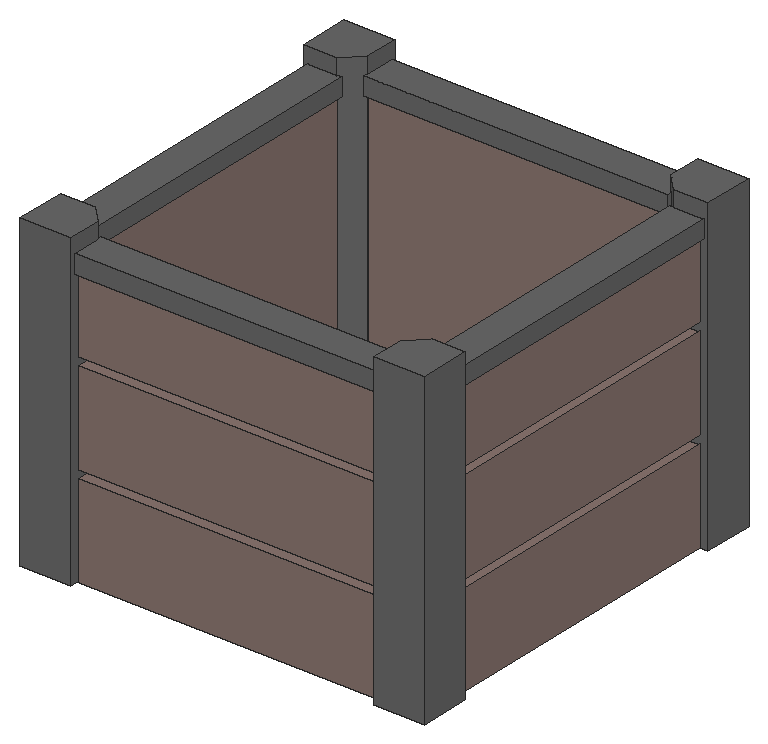
Revit family "Planter-Raised_Bed-CityScapes-Planx", category Specialty Equipment, Revit 2026
Family settings
  Round Connector Dimension = Use Diameter
  Part Type = Normal
  Work Plane-Based = No
  Enable Cutting in Views = No
  Always vertical = Yes
  Cut with Voids When Loaded = No
  Maintain Annotation Orientation = No
  Shared = No
  Room Calculation Point = No
Parameters (values of type "24”x24”x18”")
  Width = 24"
  URL = "https://cityscapesinc.com/"
  Specification = "https://www.arcat.com/company/cityscapes-international-inc-40042/spec"
  Product Page URL = "https://www.arcat.com/arcatcos/cos40/arc40042.html"
  Model = "Planx Planters - Raised Bed Series"  # constant formula
  Manufacturer = "CityScapes"  # constant formula
  Length = 24"
  Keynote = "32 94 33"
  Frame Material [instance] = Aluminum - CityScapes - Electric Black
  Height = 18"
  Description = "Raised Bed Planter"
  Default Elevation = 0"
  Copyright = "© 2023 ARCAT"  # constant formula
  CAD Details = "https://www.arcat.com/company/cityscapes-international-inc-40042/cad"
  Board Material [instance] = PVC Board - CityScapes - Sequoia
  3 Planks = Height = 18"  # yes
  2 Planks = not([3 Planks])  # no
Types (12): name | Width | Length | Height | 3 Planks | 2 Planks
  24”x24”x12” | 48" | 24" | 12" | no | yes
  24”x48”x12” | 48" | 24" | 12" | no | yes
  48”x48”x18” | 48" | 48" | 18" | yes | no
  24”x96”x12” | 96" | 24" | 12" | no | yes
  24”x24”x18” | 24" | 24" | 18" | yes | no
  24”x48”x18” | 48" | 24" | 18" | yes | no
  24”x96”x18” | 96" | 24" | 18" | yes | no
  48”x48”x12” | 48" | 48" | 12" | no | yes
  48”x96”x12” | 96" | 48" | 12" | no | yes
  48”x96”x18” | 96" | 48" | 18" | yes | no
  48”x120”x18” | 120" | 48" | 18" | yes | no
  48”x120”x12” | 120" | 48" | 12" | no | yes
Reference planes (in)
  plane 1 "Center (Front/Back)": y = 0
  plane 2: z = 0
  plane 3 "Center (Left/Right)": x = 0
  plane 4: x = 12
  plane 5: x = -12
  plane 6: y = 12
  plane 7: y = -12
  plane 8: z = 18
Forms (in)
  Extrusion 1, solid, material "Aluminum - CityScapes - Electric Black" <- "Frame Material"
    sketch origin (0, 0, 0) x (1, 0, 0) y (0, 1, 0)
      loop
        line (12, 12) -> (9, 12) -> (9, 10) -> (10, 9) -> (12, 9) -> (12, 12)
      loop
        line (12, -12) -> (12, -9) -> (10, -9) -> (9, -10) -> (9, -12) -> (12, -12)
      loop
        line (-12, 12) -> (-12, 9) -> (-10, 9) -> (-9, 10) -> (-9, 12) -> (-12, 12)
      loop
        line (-12, -12) -> (-9, -12) -> (-9, -10) -> (-10, -9) -> (-12, -9) -> (-12, -12)
    from 0 to 18.5
  Sweep 2, solid, material "PVC Board - CityScapes - Sequoia" <- "Board Material", visible <- "2 Planks"
    path origin (0, 0, 0) x (1, 0, 0) y (0, 1, 0)
      loop
        line (12, 0) -> (12, 12) -> (-12, 12) -> (-12, -12) -> (12, -12) -> (12, 0)
    profile origin (12, 6, 0) x (-1, 0, 0) y (0, 0, 1)
      loop
        line (0.5, 10.5) -> (0.5, 6) -> (1.375, 6) -> (1.375, 5.5) -> (0.5, 5.5) -> (0.5, 0) -> (2, 0) -> (2, 10.5) -> (0.5, 10.5)
  Extrusion 3, solid, material "Aluminum - CityScapes - Electric Black" <- "Frame Material"
    sketch origin (0, 0, 0) x (1, 0, 0) y (0, 1, 0)
      loop
        line (-9, 9.75) -> (9, 9.75) -> (9, 11.75) -> (-9, 11.75) -> (-9, 9.75)
      loop
        line (-11.75, 9) -> (-11.75, -9) -> (-9.75, -9) -> (-9.75, 9) -> (-11.75, 9)
      loop
        line (9, -9.75) -> (-9, -9.75) -> (-9, -11.75) -> (9, -11.75) -> (9, -9.75)
      loop
        line (9.75, 9) -> (9.75, -9) -> (11.74999, -9) -> (11.74999, 9) -> (9.75, 9)
    from 16.5 to 17.575
  Sweep 4, solid, material "PVC Board - CityScapes - Sequoia" <- "Board Material", visible <- "3 Planks"
    path origin (0, 0, 0) x (1, 0, 0) y (0, 1, 0)
      loop
        line (12, 0) -> (12, 12) -> (-12, 12) -> (-12, -12) -> (12, -12) -> (12, 0)
    profile origin (12, 6, 0) x (-1, 0, 0) y (0, 0, 1)
      loop
        line (0.5, 16.5) -> (0.5, 12) -> (1.375, 12) -> (1.375, 11.5) -> (0.5, 11.5) -> (0.5, 6) -> (1.375, 6) -> (1.375, 5.5) -> (0.5, 5.5) -> (0.5, 0) -> (2, 0) -> (2, 16.5) -> (0.5, 16.5)
Dimensions and locks (in)
  "Width": plane 5 to plane 4
  equal spacing: plane 5, plane 3 "Center (Left/Right)", plane 4
  "Length": plane 6 to plane 7
  equal spacing: plane 6, plane 1 "Center (Front/Back)", plane 7
  "Height": plane 8 to level
  locked: Extrusion 1 sketch curve to plane 4 at 3  (x2)
  locked: plane 6 to Extrusion 1 sketch curve at 3  (x2)
  locked: Extrusion 1 sketch curve to plane 7 at 3  (x2)
  locked: plane 5 to Extrusion 1 sketch curve at 3  (x2)
  locked: Sweep 2 sketch curve to Sweep 2 sketch curve at 1.5
  locked: Extrusion 1 to plane 8 at 0.5
  plane 8 to Extrusion 3 to Extrusion 3 = 0.425" locked, 1.075" locked
  Extrusion 3 to plane 2 = 16 1/2"
  locked: Sweep 2 sketch curve to plane 2 at 10.5
  locked: Sweep 4 sketch curve to Sweep 4 sketch curve at 1.5
  aligned and locked: plane 2 to level
  aligned and locked: Extrusion 1 sketch curve to plane 4
  aligned and locked: plane 6 to Extrusion 1 sketch curve
  aligned and locked: Extrusion 1 sketch curve to plane 6
  aligned and locked: Extrusion 1 sketch curve to plane 5
  aligned and locked: Extrusion 1 sketch curve to plane 7
  aligned and locked: plane 5 to Extrusion 1 sketch curve
  aligned and locked: plane 4 to Extrusion 1 sketch curve
  aligned and locked: plane 7 to Extrusion 1 sketch curve
  aligned and locked: Sweep 2 sketch curve to plane 7
  aligned and locked: plane 4 to Sweep 2 sketch curve
  aligned and locked: plane 6 to Sweep 2 sketch curve
  aligned and locked: Sweep 2 sketch curve to plane 5
Automatic sketch dimensions
  Extrusion 1 sketch curve to Extrusion 1 sketch curve = 1"  (x7)
  Extrusion 1 sketch curve to Extrusion 1 sketch curve = 2"
  plane 1 "Center (Front/Back)" to Sweep 2 sketch curve = 0"
  Sweep 2 sketch curve to level = 0"
  Sweep 2 sketch curve to profile plane = 1/2"  (x2)
  Sweep 2 sketch curve to Sweep 2 sketch curve = 7/8"
  Sweep 2 sketch curve to Sweep 2 sketch curve = 1/2"
  Sweep 2 sketch curve to Sweep 2 sketch curve = 4 1/2"
  plane 5 to Extrusion 3 sketch curve = 1/4"
  Extrusion 3 sketch curve to Extrusion 3 sketch curve = 3/4"  (x7)
  Extrusion 3 sketch curve to plane 6 = 1/4"
  Extrusion 3 sketch curve to Extrusion 3 sketch curve = 2"  (x3)
  plane 7 to Extrusion 3 sketch curve = 1/4"
  Extrusion 3 sketch curve to plane 4 = 3"
  Extrusion 3 sketch curve to plane 4 = 1/4"
  Extrusion 3 sketch curve to plane 6 = 3"
  Sweep 4 sketch curve to plane 5 = 0"
  plane 1 "Center (Front/Back)" to Sweep 4 sketch curve = 0"
  Sweep 4 sketch curve to plane 4 = 0"
  Sweep 4 sketch curve to plane 7 = 0"
  Sweep 4 sketch curve to plane 6 = 0"
  Sweep 4 sketch curve to level = 0"
  Sweep 4 sketch curve to profile plane = 1/2"  (x2)
  Sweep 4 sketch curve to Sweep 4 sketch curve = 7/8"  (x2)
  Sweep 4 sketch curve to Sweep 4 sketch curve = 11 1/2"
  Sweep 4 sketch curve to Sweep 4 sketch curve = 1/2"  (x2)
  Sweep 4 sketch curve to Sweep 4 sketch curve = 4 1/2"
  level to Sweep 4 sketch curve = 6"
  Sweep 4 sketch curve to Sweep 4 sketch curve = 0"
